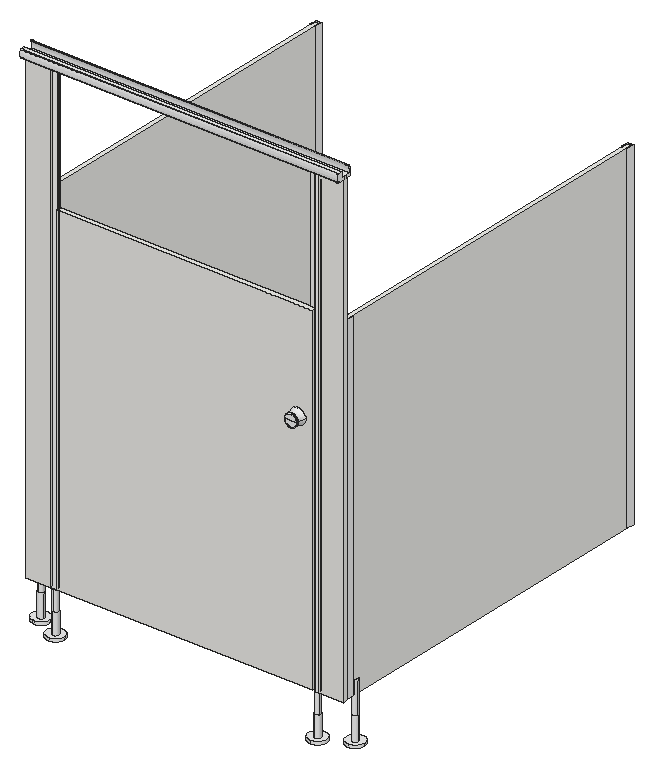
Revit family "Alsanit - Kabiny sanitarne AQUARI PRZEDSZKOLNE - LPW", category Doors, Revit 2020
Family settings
  Work Plane-Based = No
  Always vertical = Yes
  Cut with Voids When Loaded = No
  Shared = No
  Room Calculation Point = No
Parameters (values of type "18mm")
  Width = 0.00 mm  # constant formula
  Type Comments = "Kabiny sanitarne (ścianki giszetowe do WC)"
  Thickness = Grubość ścianki  # 18.00 mm
  Szerokość wewnętrzna modułu (min. 1000) [instance] = 1200.00 mm
  Szerokość wewnętrzna modułu [instance] = [Szerokość wewnętrzna modułu (min. 1000)]  # 1200.00 mm
  Szerokość drzwi (max. 1000 mm) [instance] = 1000.00 mm
  Szczelina obok drzwi prawa [instance] = if([Orientacja - odbij lustrzanie], Szczelina prawa 1, Szczelina prawa 2)  # 26.00 mm
  Szczelina obok drzwi lewa [instance] = if([Orientacja - odbij lustrzanie], Szczelina lewa 1, Szczelina lewa 2)  # 23.00 mm
  Rough Width = 0.00 mm  # constant formula
  Rough Height = 0.00 mm  # constant formula
  Podcięcie na geberit - prawe [instance] = no
  Podcięcie na geberit - prawa wartość [instance] = if([Podcięcie na geberit - prawe], [Szerokość wewnętrzna modułu (min. 1000)] / 2 + 50.00 mm, 5.00 mm)  # 5.00 mm
  Podcięcie na geberit - odsunięcie poziome wartość [instance] = if([Podcięcie na geberit - odsunięcie poziome] = 0.00 mm, 5.00 mm, [Podcięcie na geberit - odsunięcie poziome])  # 5.00 mm
  Podcięcie na geberit - odsunięcie poziome [instance] = 0.00 mm
  Podcięcie na geberit - odsunięcie pionowe wartość [instance] = if([Podcięcie na geberit - odsunięcie pionowe] = 0.00 mm, 5.00 mm, [Podcięcie na geberit - odsunięcie pionowe])  # 5.00 mm
  Podcięcie na geberit - odsunięcie pionowe [instance] = 0.00 mm
  Podcięcie na geberit - lewe [instance] = no
  Podcięcie na geberit - lewa wartość [instance] = if([Podcięcie na geberit - lewe], [Szerokość wewnętrzna modułu (min. 1000)] / 2 + 50.00 mm, 5.00 mm)  # 5.00 mm
  Odsunięcie ścianki lewe kontrola [instance] = 91.00 mm  # constant formula
  Odległość nóżki prawa [instance] = Szczelina obok drzwi prawa / 2  # 13.00 mm
  Odległość nóżki lewa [instance] = Szczelina obok drzwi lewa / 2  # 11.50 mm
  Nóżka grubość 2 [instance] = 24.00 mm  # constant formula
  Nózka grubość stopka [instance] = 70.00 mm  # constant formula
  Nożka grubość 1 [instance] = 20.00 mm  # constant formula
  Noga prawa widoczność [instance] = not([Połączenie - prawa strona] = Prawa strona przy ścianie typ)  # yes
  Noga lewa widoczność [instance] = [Połączenie - lewa strona] = Lewa strona zamknięta typ  # yes
  Krótki opis = "Kabiny sanitarne ALSANIT posiadające oznaczenie CE zgodnie z parametrami systemu"
  Height = 0.00 mm  # constant formula
  Function = Interior
  Film Instruktażowy = "https://youtu.be/qyrI1CfgFO4"
  Define Thermal Properties by = Schematic Type
  Construction Type = "Kabiny sanitarne"
  Szczelina prawa 2 = 26.00 mm  # constant formula
  Szczelina prawa 1 = 23.00 mm  # constant formula
  Analytic Construction = "<None>"
  Akcesoria - wzmocnienie pionowe prawe [instance] = [Odsunięcie prawej ścianki od osi (min. 60 mm)] > 399.00 mm  # no
  Akcesoria - wzmocnienie pionowe lewe [instance] = ([Szerokość wewnętrzna modułu (min. 1000)] - [Szerokość drzwi (max. 1000 mm)] - [Odsunięcie prawej ścianki od osi (min. 60 mm)]) > 400.00 mm  # no
  Wysokość ścianki łączącej [instance] = 1500.00 mm  # constant formula
  Szerokość zewnętrzna modułu [instance] = 1242.00 mm
  Szerokość obliczona [instance] = if(and(Lewa strona przy ścianie, Prawa strona przy ścianie), [Szerokość wewnętrzna modułu (min. 1000)] - 2 * (Grubość ścianki + 7.00 mm), if(or(Lewa strona przy ścianie, Prawa strona przy ścianie), [Szerokość wewnętrzna modułu (min. 1000)] - Grubość ścianki - 7.00 mm, [Szerokość wewnętrzna modułu (min. 1000)]))  # 1200.00 mm
  Wysokość modułu [instance] = 2030.00 mm  # constant formula
  URL = "https://www.alsanit.pl/"
  Rodzaj płyt = "LPW - Laminowana płyta wiórowa"
  Prawe odsunięcie belki dolnej [instance] = if(Prawa strona przy ścianie, 30.00 mm, 0.00 mm)  # 0.00 mm
  Prawa strona niepołączona [instance] = not(Prawa strona połączona)  # yes
  Model = "AQUARI"
  Manufacturer = "Alsanit"
  Lewe odsunięcie belki dolnej [instance] = if(Lewa strona przy ścianie, 30.00 mm, 0.00 mm)  # 0.00 mm
  Lewa strona niepołączona [instance] = not(Lewa strona połączona)  # yes
  Głębokość modułu (min. 1150mm - max. 1600 mm) [instance] = 1400.00 mm
  Głębokość modułu [instance] = if([Głębokość modułu (min. 1150mm - max. 1600 mm)] > 1600.00 mm, 1600.00 mm, [Głębokość modułu (min. 1150mm - max. 1600 mm)])  # 1400.00 mm
  Description = "Kabiny sanitarne to idealna kombinacja trwałości i estetyki w najnowszej cenie. Ze względu na estetyczność zastosowań jest najchętniej kupowanym systemem kabin sanitarnych w Polsce."
  Autor = "www.archispace.pl"
  Orientacja - na zewnątrz [instance] = not([Orientacja - do wewnątrz])  # yes
  Orientacja - do wewnątrz [instance] = no
  Ścianka łącząca [instance] = not(Prawa strona przy ścianie)  # yes
  Szerokość drzwi [instance] = if([Szerokość drzwi (max. 1000 mm)] > 1000.00 mm, 1000.00 mm, [Szerokość drzwi (max. 1000 mm)])  # 1000.00 mm
  Prawe odsunięcie osi [instance] = if(Prawa strona zamknięta, Grubość ścianki / 2 + 3.00 mm, if(Prawa strona przy ścianie, Grubość ścianki / 2 + 7.00 mm, 0.00 mm))  # 12.00 mm
  Prawa strona zamknięta typ = Rodzaj połączenia : Zamknięta
  Prawa strona zamknięta [instance] = [Połączenie - prawa strona] = Prawa strona zamknięta typ  # yes
  Prawa strona przy ścianie typ = Rodzaj połączenia : Przy ścianie
  Prawa strona przy ścianie [instance] = [Połączenie - prawa strona] = Prawa strona przy ścianie typ  # no
  Prawa strona połączona typ = Rodzaj połączenia : Połączona
  Prawa strona połączona [instance] = [Połączenie - prawa strona] = Prawa strona połączona typ  # no
  Prawe odsunięcie osi panelu [instance] = if(Prawa strona przy ścianie, 10.00 mm, 0.00 mm)  # 0.00 mm
  Odsunięcie prawej ścianki od osi (min. 60 mm) [instance] = 109.00 mm
  Połączenie - prawa strona [instance] = Rodzaj połączenia : Zamknięta
  Orientacja - odbij lustrzanie [instance] = no
  Materiał płyt = Alsanit - LPW - Biały 9016
  Materiał okuć = Alsanit - Aluminium
  Materiał wsporników = Alsanit - Aluminium
  Materiał belek = Alsanit - Aluminium
  Lewe odsunięcie osi panelu [instance] = if(Lewa strona przy ścianie, 10.00 mm, 0.00 mm)  # 0.00 mm
  Lewe odsunięcie osi [instance] = if(Lewa strona zamknięta, Grubość ścianki / 2 + 3.00 mm, if(Lewa strona przy ścianie, Grubość ścianki / 2 + 7.00 mm, 0.00 mm))  # 12.00 mm
  Lewa strona zamknięta typ = Rodzaj połączenia : Zamknięta
  Lewa strona zamknięta [instance] = [Połączenie - lewa strona] = Lewa strona zamknięta typ  # yes
  Lewa strona przy ścianie typ = Rodzaj połączenia : Przy ścianie
  Lewa strona przy ścianie [instance] = [Połączenie - lewa strona] = Lewa strona przy ścianie typ  # no
  Lewa strona połączona typ = Rodzaj połączenia : Połączona
  Lewa strona połączona [instance] = [Połączenie - lewa strona] = Lewa strona połączona typ  # no
  Odsunięcie lewej ścianki od osi (min. 60 mm) [instance] = 109.00 mm
  Połączenie - lewa strona [instance] = Rodzaj połączenia : Zamknięta
  Grubość ścianki = 18.00 mm
  Default Elevation = 0.00 mm
  Orientacja - bez odbicia [instance] = not([Orientacja - odbij lustrzanie])  # yes
  Szczelina lewa 2 = 23.00 mm  # constant formula
  Szczelina lewa 1 = 26.00 mm  # constant formula
Reference planes
  plane 1 "Center (Front/Back)": y = 0
  plane 2: z = 0
  plane 3 "Center (Left/Right)": x = 0
  plane 4: x = -600
  plane 5: x = 600
  plane 6: x = 609
  plane 7: x = 618
  plane 8: x = -609
  plane 9: x = -618
  plane 10: y = -1400
  plane 11: y = -1418
  plane 12: y = -10
  plane 13: y = -1394
  plane 14: y = -1409
  plane 15 "Lewa oś wstawienia": x = -621
  plane 16 "Prawa oś wstawienia": x = 621
  plane 17: y = -1334.5
  plane 18: x = 526
  plane 19: x = 500
  plane 20: x = -500
  plane 21: x = -523
  plane 22 "Prawe odsunięcie osi panelu": x = 621
  plane 23 "Lewe odsunięcie osi panelu": x = -621
  plane 24: x = 0
  plane 25: z = 170
  plane 26 "Wysokość modułu": z = 2030
  plane 27 "Odsunięcie górne ścianek frontowych": z = 2010
  plane 28: y = -1398.5
  plane 29: x = -621
  plane 30: x = 621
  plane 31: z = 100
  plane 32: z = 225.5
  plane 33: z = 2000
  plane 34: z = 170
  plane 35: x = -621
  plane 36: x = 621
  plane 37: z = 170
  plane 38: z = 1500
  plane 39: z = 2000
  plane 40: z = 2000
  plane 41: z = 1500
  plane 42: z = 1500
  plane 43: z = 2000
  plane 44: x = 701
  plane 45: x = -705
  plane 46: z = 1995
  plane 47: z = 1990
  plane 48: z = 2000
  plane 49: z = 2000
  plane 50: z = 2000
  plane 51: z = 2000
  plane 52: x = -714
  plane 53: x = -696
  plane 54: x = 692
  plane 55: x = 710
  plane 56: x = -5
  plane 57: x = 5
  plane 58: z = 5
  plane 59: y = -5
  plane 60: z = 5
  plane 61: y = -5
  plane 62: y = -1355
  plane 63: z = 10
  plane 64: z = 10
Forms (mm)
  Sweep 1, solid, material "Alsanit - LPW - Biały 9016" <- "Materiał płyt", visible <- "Ścianka łącząca"
    path origin (0, 0, 0) x (1, 0, 0) y (0, 0, 1)
      loop
        line (609, 170) -> (609, 1500)
    profile origin (609, 0, 835) x (-1, 0, 0) y (0, -1, 0)
      loop
        line (9, 10) -> (9, 1394) -> (-9, 1394) -> (-9, 10) -> (9, 10)
  Sweep 2, solid, material "Alsanit - LPW - Biały 9016" <- "Materiał płyt", visible <- "Lewa strona zamknięta"
    path origin (0, 0, 0) x (-1, 0, 0) y (0, 0, 1)
      loop
        line (609, 170) -> (609, 1500)
    profile origin (-609, 0, 835) x (-1, 0, 0) y (0, -1, 0)
      loop
        line (-9, 10) -> (9, 10) -> (9, 1394) -> (-9, 1394) -> (-9, 10)
  Sweep 3, solid, material "Alsanit - Aluminium" <- "Materiał belek", visible <- "Ścianka łącząca", detail levels medium+fine
    path origin (0, 0, 0) x (1, 0, 0) y (0, 0, 1)
      loop
        line (609, 1500) -> (609, 170)
    profile "U-profile : U-profile" origin (609, 0, 835) x (1, 0, 0) y (0, -1, 0)
      loop
        line (10.5, 0) -> (10.5, 30) -> (9, 30) -> (9, 1.5) -> (-9, 1.5) -> (-9, 30) -> (-10.5, 30) -> (-10.5, 0) -> (10.5, 0)
  Sweep 4, solid, material "Alsanit - Aluminium" <- "Materiał belek", visible <- "Lewa strona zamknięta", detail levels medium+fine
    path origin (0, 0, 0) x (-1, 0, 0) y (0, 0, 1)
      loop
        line (609, 1500) -> (609, 170)
    profile "U-profile : U-profile" origin (-609, 0, 835) x (1, 0, 0) y (0, -1, 0)
      loop
        line (10.5, 0) -> (10.5, 30) -> (9, 30) -> (9, 1.5) -> (-9, 1.5) -> (-9, 30) -> (-10.5, 30) -> (-10.5, 0) -> (10.5, 0)
  Sweep 5, solid, material "Alsanit - Aluminium" <- "Materiał belek", visible <- "Lewa strona zamknięta", detail levels medium+fine
    path origin (673.537, -1400, 1200) x (1, 0, 0) y (0, 0, 1)
      loop
        line (-1282.537, 300) -> (-1282.537, -1030)
    profile "U-profile : U-profile" origin (-609, -1400, 835) x (1, 0, 0) y (0, -1, 0)
      loop
        line (-10.5, 0) -> (-10.5, -30) -> (-9, -30) -> (-9, -1.5) -> (9, -1.5) -> (9, -30) -> (10.5, -30) -> (10.5, 0) -> (-10.5, 0)
  Sweep 6, solid, material "Alsanit - Aluminium" <- "Materiał belek", visible <- "Ścianka łącząca", detail levels medium+fine
    path origin (673.537, -1400, 1200) x (1, 0, 0) y (0, 0, 1)
      loop
        line (-64.537, 300) -> (-64.537, -1030)
    profile "U-profile : U-profile" origin (609, -1400, 835) x (1, 0, 0) y (0, -1, 0)
      loop
        line (-10.5, 0) -> (-10.5, -30) -> (-9, -30) -> (-9, -1.5) -> (9, -1.5) -> (9, -30) -> (10.5, -30) -> (10.5, 0) -> (-10.5, 0)
  Extrusion 7, solid, material "Alsanit - LPW - Biały 9016" <- "Materiał płyt", detail levels medium+fine
    sketch origin (0, 0, 0) x (1, 0, 0) y (0, 1, 0)
      loop
        line (-621, -1400) -> (-621, -1418) -> (-523, -1418) -> (-523, -1400) -> (-621, -1400)
    from 170 to 2010
  Extrusion 8, solid, material "Alsanit - LPW - Biały 9016" <- "Materiał płyt", detail levels medium+fine
    sketch origin (0, 0, 0) x (-1, 0, 0) y (0, -1, 0)
      loop
        line (-621, 1400) -> (-526, 1400) -> (-526, 1418) -> (-621, 1418) -> (-621, 1400)
    from 170 to 2010
  Sweep 9, solid, material "Alsanit - Aluminium" <- "Materiał belek", visible <- "Lewa strona przy ścianie", detail levels medium+fine
    path origin (-771.956, -1409, 1200) x (-1, 0, 0) y (0, 0, 1)
      loop
        line (-150.956, -1030) -> (-150.956, 800)
    profile "U-profile : U-profile" origin (-621, -1409, 1085) x (1, 0, 0) y (0, 1, 0)
      loop
        line (0, -10.5) -> (30, -10.5) -> (30, -9) -> (1.5, -9) -> (1.5, 9) -> (30, 9) -> (30, 10.5) -> (0, 10.5) -> (0, -10.5)
  Sweep 10, solid, material "Alsanit - Aluminium" <- "Materiał belek", visible <- "Prawa strona przy ścianie", detail levels medium+fine
    path origin (771.956, -1409, 1200) x (1, 0, 0) y (0, 0, -1)
      loop
        line (-150.956, 1030) -> (-150.956, -800)
    profile "U-profile : U-profile" origin (621, -1409, 1085) x (1, 0, 0) y (0, 1, 0)
      loop
        line (0, 10.5) -> (-30, 10.5) -> (-30, 9) -> (-1.5, 9) -> (-1.5, -9) -> (-30, -9) -> (-30, -10.5) -> (0, -10.5) -> (0, 10.5)
  Extrusion 11, solid, material "Alsanit - LPW - Biały 9016" <- "Materiał płyt", detail levels coarse
    sketch origin (0, 0, 0) x (1, 0, 0) y (0, 1, 0)
      loop
        line (-621, -1400) -> (-621, -1418) -> (621, -1418) -> (621, -1400) -> (-621, -1400)
    from 170 to 2030
  Sweep 12, solid, material "Alsanit - Aluminium" <- "Materiał belek", not visible, detail levels medium+fine
    path origin (-998.294, -1524, 2030) x (-1, 0, 0) y (0, -1, 0)
      loop
        line (-389.294, -1524) -> (-389.294, -125.5)
    profile "U-profile : U-profile" origin (-609, -699.25, 2030) x (1, 0, 0) y (0, 0, 1)
      loop
        line (-10.5, 0) -> (-10.5, -30) -> (-9, -30) -> (-9, -1.5) -> (9, -1.5) -> (9, -30) -> (10.5, -30) -> (10.5, 0) -> (-10.5, 0)
  Sweep 13, solid, material "Alsanit - Aluminium" <- "Materiał belek", not visible, detail levels medium+fine
    path origin (-998.294, -1524, 2030) x (-1, 0, 0) y (0, -1, 0)
      loop
        line (-1607.294, -1524) -> (-1607.294, -125.5)
    profile "U-profile : U-profile" origin (609, -699.25, 2030) x (1, 0, 0) y (0, 0, 1)
      loop
        line (-10.5, 0) -> (-10.5, -30) -> (-9, -30) -> (-9, -1.5) -> (9, -1.5) -> (9, -30) -> (10.5, -30) -> (10.5, 0) -> (-10.5, 0)
  Sweep 14, solid, material "Alsanit - Aluminium" <- "Materiał belek", not visible, detail levels medium+fine
    path origin (-771.956, -1409, 4200) x (-1, 0, 0) y (0, 0, 1)
      loop
        line (-150.956, -2170) -> (-1392.956, -2170)
    profile "U-profile : U-profile" origin (0, -1409, 2030) x (0, 0, -1) y (0, 1, 0)
      loop
        line (0, -10.5) -> (30, -10.5) -> (30, -9) -> (1.5, -9) -> (1.5, 9) -> (30, 9) -> (30, 10.5) -> (0, 10.5) -> (0, -10.5)
  Sweep 15, solid, material "Alsanit - Aluminium" <- "Materiał belek", not visible, detail levels medium+fine
    path origin (-771.956, -1409, 1200) x (-1, 0, 0) y (0, 0, 1)
      loop
        line (-150.956, 830) -> (-1392.956, 830)
    profile "U-profile : U-profile" origin (0, -1409, 2030) x (0, 0, -1) y (0, 1, 0)
      loop
        line (0, -10.5) -> (30, -10.5) -> (30, -9) -> (1.5, -9) -> (1.5, 9) -> (30, 9) -> (30, 10.5) -> (0, 10.5) -> (0, -10.5)
  Sweep 16, solid, material "Alsanit - LPW - Biały 9016" <- "Materiał płyt", visible <- "Akcesoria - wzmocnienie pionowe prawe", detail levels medium+fine
    path origin (-771.956, -1409, 1200) x (-1, 0, 0) y (0, 0, 1)
      loop
        line (-1472.956, -1030) -> (-1472.956, 800)
    profile origin (701, -1409, 1085) x (1, 0, 0) y (0, 1, 0)
      loop
        line (-9, 15) -> (9, 15) -> (9, 110) -> (-9, 110) -> (-9, 15)
  Sweep 17, solid, material "Alsanit - Aluminium" <- "Materiał belek", visible <- "Akcesoria - wzmocnienie pionowe prawe", detail levels medium+fine
    path origin (673.537, -1400, 1200) x (1, 0, 0) y (0, 0, 1)
      loop
        line (27.463, -1030) -> (27.463, 800)
    profile "U-profile : U-profile" origin (701, -1400, 1085) x (-1, 0, 0) y (0, -1, 0)
      loop
        line (-10.5, 0) -> (-10.5, -30) -> (-9, -30) -> (-9, -1.5) -> (9, -1.5) -> (9, -30) -> (10.5, -30) -> (10.5, 0) -> (-10.5, 0)
  Sweep 18, solid, material "Alsanit - LPW - Biały 9016" <- "Materiał płyt", visible <- "Akcesoria - wzmocnienie pionowe lewe", detail levels medium+fine
    path origin (1162.956, -1409, 1200) x (1, 0, 0) y (0, 0, -1)
      loop
        line (-1867.956, 1030) -> (-1867.956, -800)
    profile origin (-705, -1409, 1085) x (1, 0, 0) y (0, 1, 0)
      loop
        line (9, 15) -> (9, 110) -> (-9, 110) -> (-9, 15) -> (9, 15)
  Sweep 19, solid, material "Alsanit - Aluminium" <- "Materiał belek", visible <- "Akcesoria - wzmocnienie pionowe lewe", detail levels medium+fine
    path origin (673.537, -1400, 1200) x (1, 0, 0) y (0, 0, 1)
      loop
        line (-1378.537, -1030) -> (-1378.537, 800)
    profile "U-profile : U-profile" origin (-705, -1400, 1085) x (-1, 0, 0) y (0, -1, 0)
      loop
        line (10.5, 0) -> (-10.5, 0) -> (-10.5, -30) -> (-9, -30) -> (-9, -1.5) -> (9, -1.5) -> (9, -30) -> (10.5, -30) -> (10.5, 0)
  Sweep 20, solid, material "Alsanit - Aluminium" <- "Materiał belek", detail levels medium+fine
    path origin (0, -160, 0) x (1, 0, 0) y (0, 1, 0)
      loop
        line (-621, -1249) -> (621, -1249)
    profile origin (0, -1409, 0) x (0, 1, 0) y (0, 0, 1)
      loop
        line (-9, 2000) -> (-9, 2010.006) -> (9, 2010.006) -> (9, 2000) -> (18.963, 2000)
        arc (18.963, 2000) -> (20.347, 2000.556) -> (20.962, 2001.914) r 2
        arc (20.962, 2001.914) -> (22.476, 2022.263) -> (16.301, 2041.711) r 53.788
        arc (16.301, 2041.711) -> (15.681, 2042.09) -> (14.965, 2042.223) r 2
        line (14.965, 2042.223) -> (14.002, 2042.223) -> (14.002, 2040.823) -> (15.303, 2040.823)
        arc (15.303, 2040.823) -> (20.408, 2026.85) -> (21.387, 2012.006) r 52.487
        line (21.387, 2012.006) -> (-19.028, 2012.006) -> (-19.028, 2032.006) -> (-31.863, 2032.006)
        arc (-31.863, 2032.006) -> (-33.104, 2031.575) -> (-33.81, 2030.466) r 2
        arc (-33.81, 2030.466) -> (-35.785, 2016.001) -> (-33.807, 2001.537) r 53.895
        arc (-33.807, 2001.537) -> (-33.101, 2000.431) -> (-31.861, 2000) r 2
        line (-31.861, 2000) -> (-9, 2000)
  Sweep 21, solid, material "Alsanit - LPW - Biały 9016" <- "Materiał płyt", not visible
    path origin (0, 0, 0) x (1, 0, 0) y (0, 1, 0)
      loop
        line (-500, -1409) -> (500, -1409)
    profile origin (0, -1409, 0) x (0, 1, 0) y (0, 0, 1)
      loop
        line (9, 2010) -> (-9, 2010) -> (-9, 1995) -> (9, 1995) -> (9, 2010)
  Sweep 22, void
    path origin (0, 0, 0) x (1, 0, 0) y (0, 1, 0)
      loop
        line (0, 0) -> (-5, 0)
    profile origin (-2.5, 0, 0) x (0, -1, 0) y (0, 0, 1)
      loop
        line (0, 5) -> (0, 0) -> (5, 0) -> (5, 5) -> (0, 5)
  Sweep 23, void
    path origin (0, 0, 0) x (-1, 0, 0) y (0, -1, 0)
      loop
        line (0, 0) -> (-5, 0)
    profile origin (2.5, 0, 0) x (0, 1, 0) y (0, 0, 1)
      loop
        line (0, 5) -> (-5, 5) -> (-5, 0) -> (0, 0) -> (0, 5)
  Sweep 24, solid, material "Alsanit - Aluminium" <- "Materiał wsporników", visible <- "Lewa strona zamknięta"
    path origin (-771.956, -1409, 1200) x (-1, 0, 0) y (0, 0, 1)
      loop
        line (-162.956, -974.5) -> (-162.956, -1100)
    profile origin (-609, -1409, 162.75) x (0, 1, 0) y (-1, 0, 0)
      loop
        circle (54, 2) r 10
  Sweep 25, solid, material "Alsanit - Aluminium" <- "Materiał wsporników", visible <- "Lewa strona zamknięta"
    path origin (-771.956, -1405, 1200) x (-1, 0, 0) y (0, 0, 1)
      loop
        line (-162.956, -1190) -> (-162.956, -1100)
    profile origin (-609, -1405, 55) x (1, 0, 0) y (0, 1, 0)
      loop
        circle (-2, 50) r 12
  Sweep 26, solid, material "Alsanit - Aluminium" <- "Materiał wsporników", visible <- "Lewa strona zamknięta"
    path origin (-771.956, -1409, 1200) x (-1, 0, 0) y (0, 0, 1)
      loop
        line (-162.956, -1200) -> (-162.956, -1190)
    profile origin (-609, -1409, 5) x (1, 0, 0) y (0, 1, 0)
      loop
        circle (-2, 54) r 35
  Sweep 27, solid, material "Alsanit - Aluminium" <- "Materiał wsporników", visible <- "Prawa strona zamknięta"
    path origin (-771.956, -1409, 1200) x (-1, 0, 0) y (0, 0, 1)
      loop
        line (-1380.956, -1100) -> (-1380.956, -974.5)
    profile origin (609, -1409, 162.75) x (1, 0, 0) y (0, 1, 0)
      loop
        circle (8, 54) r 10
  Sweep 28, solid, material "Alsanit - Aluminium" <- "Materiał wsporników", visible <- "Prawa strona zamknięta"
    path origin (-771.956, -1409, 1200) x (-1, 0, 0) y (0, 0, 1)
      loop
        line (-1380.956, -1190) -> (-1380.956, -1100)
    profile origin (609, -1409, 55) x (1, 0, 0) y (0, 1, 0)
      loop
        circle (8, 54) r 12
  Sweep 29, solid, material "Alsanit - Aluminium" <- "Materiał wsporników", visible <- "Prawa strona zamknięta"
    path origin (-771.956, -1409, 1200) x (-1, 0, 0) y (0, 0, 1)
      loop
        line (-1380.956, -1200) -> (-1380.956, -1190)
    profile origin (609, -1409, 5) x (1, 0, 0) y (0, 1, 0)
      loop
        circle (8, 54) r 35
Cuts and joins
  Sweep 22 cuts Sweep 4
  Sweep 22 cuts Sweep 2
  Sweep 23 cuts Sweep 1
  Sweep 23 cuts Sweep 3
  joined: Sweep 24, Sweep 25, Sweep 26
  joined: Sweep 27, Sweep 28, Sweep 29
Lines and regions (mm)
  model lines, style "Doors", detail levels medium+fine
    curve 1: line (526, -1418, 2010) -> (526, -1418, 170)
    curve 3: line (621, -1418, 2010) -> (526, -1418, 2010)
    curve 6: line (-523, -1418, 170) -> (-523, -1418, 2010)
    curve 7: line (-523, -1418, 2010) -> (-621, -1418, 2010)
    curve 10: line (-523, -1400, 170) -> (-523, -1418, 170)
    curve 11: line (526, -1400, 170) -> (526, -1418, 170)
    curve 14: line (-523, -1400, 2010) -> (-523, -1418, 2010)
    curve 15: line (526, -1400, 2010) -> (526, -1418, 2010)
    curve 17: line (526, -1400, 2010) -> (526, -1400, 170)
    curve 19: line (621, -1400, 2010) -> (526, -1400, 2010)
    curve 20: line (526, -1400, 170) -> (621, -1400, 170)
    curve 22: line (-523, -1400, 170) -> (-523, -1400, 2010)
    curve 23: line (-523, -1400, 2010) -> (-621, -1400, 2010)
    curve 24: line (-621, -1400, 170) -> (-523, -1400, 170)
  model lines, style "Doors", visible <- "Prawa strona niepołączona", detail levels medium+fine
    curve 2: line (621, -1418, 170) -> (621, -1418, 2010)
    curve 12: line (621, -1400, 170) -> (621, -1418, 170)
    curve 16: line (621, -1400, 2010) -> (621, -1418, 2010)
    curve 18: line (621, -1400, 170) -> (621, -1400, 2010)
  model lines, style "Doors"
    curve 4: line (526, -1418, 170) -> (621, -1418, 170)
    curve 8: line (-621, -1418, 170) -> (-523, -1418, 170)
  model lines, style "Doors", visible <- "Lewa strona niepołączona", detail levels medium+fine
    curve 5: line (-621, -1418, 2010) -> (-621, -1418, 170)
    curve 9: line (-621, -1400, 170) -> (-621, -1418, 170)
    curve 13: line (-621, -1400, 2010) -> (-621, -1418, 2010)
    curve 21: line (-621, -1400, 2010) -> (-621, -1400, 170)
Dimensions and locks
  equal spacing: plane 5, plane 6, plane 7
  "Grubość ścianki": plane 5 to plane 7
  equal spacing: plane 9, plane 8, plane 4
  "Grubość ścianki": plane 9 to plane 4
  "Głębokość modułu": plane 10 to plane 1 "Center (Front/Back)"
  "Grubość ścianki": plane 11 to plane 10
  locked: plane 12 to plane 1 "Center (Front/Back)" at 10
  locked: plane 10 to plane 13 at 6
  equal spacing: plane 10, plane 14, plane 11
  equal spacing: plane 4, plane 3 "Center (Left/Right)", plane 5
  "Szerokość obliczona": plane 4 to plane 5
  "Lewe odsunięcie osi": plane 15 "Lewa oś wstawienia" to plane 8
  "Prawe odsunięcie osi": plane 6 to plane 16 "Prawa oś wstawienia"
  locked: plane 10 to plane 17 at 65.5
  "Szerokość drzwi": plane 20 to plane 19
  equal spacing: plane 20, plane 24, plane 19
  "Wysokość modułu": plane 26 "Wysokość modułu" to plane 2
  locked: plane 10 to plane 28 at 1.5
  plane 25 to level = 170.00 mm
  locked: plane 31 to plane 2 at 100
  plane 15 "Lewa oś wstawienia" to plane 29 = 0.00 mm
  plane 30 to plane 16 "Prawa oś wstawienia" = 0.00 mm
  locked: plane 32 to plane 25 at 55.5
  locked: plane 26 "Wysokość modułu" to plane 33 at 30
  "Lewe odsunięcie osi panelu": plane 15 "Lewa oś wstawienia" to plane 23 "Lewe odsunięcie osi panelu"
  "Prawe odsunięcie osi panelu": plane 22 "Prawe odsunięcie osi panelu" to plane 16 "Prawa oś wstawienia"
  plane 34 to plane 25 = 0.00 mm
  "Lewe odsunięcie belki dolnej": plane 15 "Lewa oś wstawienia" to plane 35
  "Prawe odsunięcie belki dolnej": plane 36 to plane 16 "Prawa oś wstawienia"
  plane 37 to plane 2 = 170.00 mm
  "Wysokość ścianki łączącej": plane 38 to level
  plane 26 "Wysokość modułu" to plane 39 = 30.00 mm
  plane 26 "Wysokość modułu" to plane 40 = 30.00 mm
  plane 26 "Wysokość modułu" to plane 27 "Odsunięcie górne ścianek frontowych" = 20.00 mm
  plane 38 to plane 41 = 0.00 mm
  plane 38 to plane 42 = 0.00 mm
  plane 26 "Wysokość modułu" to plane 43 = 30.00 mm
  "Szerokość zewnętrzna modułu": plane 15 "Lewa oś wstawienia" to plane 16 "Prawa oś wstawienia"
  plane 47 to level = 1990.00 mm
  locked: plane 46 to plane 47 at 5
  locked: plane 48 to plane 2 at 2000
  locked: plane 50 to level at 2000
  locked: plane 51 to level at 2000
  equal spacing: plane 52, plane 45, plane 53
  "Grubość ścianki": plane 52 to plane 53
  equal spacing: plane 54, plane 44, plane 55
  "Grubość ścianki": plane 54 to plane 55
  "Podcięcie na geberit - lewa wartość": plane 56 to plane 3 "Center (Left/Right)"
  "Podcięcie na geberit - prawa wartość": plane 3 "Center (Left/Right)" to plane 57
  "Podcięcie na geberit - odsunięcie poziome wartość": plane 1 "Center (Front/Back)" to plane 59
  "Podcięcie na geberit - odsunięcie pionowe wartość": plane 58 to level
  "Podcięcie na geberit - odsunięcie pionowe wartość": plane 60 to level
  "Podcięcie na geberit - odsunięcie poziome wartość": plane 1 "Center (Front/Back)" to plane 61
  locked: plane 10 to plane 62 at 45
  equal spacing: Sweep 24 sketch curve, plane 62, Sweep 24 sketch curve
  Sweep 24 sketch curve to plane 4 = 1.00 mm
  equal spacing: Sweep 25 sketch curve, plane 62, Sweep 25 sketch curve
  plane 4 to Sweep 25 sketch curve = 1.00 mm
  equal spacing: Sweep 26 sketch curve, plane 62, Sweep 26 sketch curve
  Sweep 12 to Sweep 26 sketch curve = 22.50 mm
  equal spacing: Sweep 27 sketch curve, plane 62, Sweep 27 sketch curve
  locked: plane 6 to Sweep 27 sketch curve at 18
  equal spacing: Sweep 28 sketch curve, plane 62, Sweep 28 sketch curve
  locked: plane 6 to Sweep 28 sketch curve at 20
  equal spacing: Sweep 29 sketch curve, plane 62, Sweep 29 sketch curve
  locked: plane 6 to Sweep 29 sketch curve at 43
  "Szczelina obok drzwi lewa": plane 21 to plane 20
  "Szczelina obok drzwi prawa": plane 19 to plane 18
  "Odsunięcie prawej ścianki od osi (min. 60 mm)": plane 19 to plane 6
  plane 20 to plane 8 = 109.00 mm
  locked: plane 19 to plane 44 at 201
  locked: plane 45 to plane 20 at 205
  "Odsunięcie lewej ścianki od osi (min. 60 mm)": plane 8 to plane 20
  "Nożka grubość 1": diameter of Sweep 24 sketch curve
  "Nóżka grubość 2": diameter of Sweep 25 sketch curve
  "Nózka grubość stopka": diameter of Sweep 26 sketch curve
  aligned and locked: level to plane 2
  aligned and locked: plane 5 to Sweep 1 sketch curve
  aligned and locked: Sweep 1 sketch curve to plane 7
  aligned and locked: Sweep 1 sketch curve to plane 13
  aligned and locked: plane 12 to Sweep 1 sketch curve
  aligned and locked: Sweep 2 sketch curve to plane 12
  aligned and locked: plane 9 to Sweep 2 sketch curve
  aligned and locked: plane 4 to Sweep 2 sketch curve
  aligned and locked: plane 13 to Sweep 2 sketch curve
  aligned and locked: plane 6 to Sweep 3 sketch curve
  aligned and locked: Sweep 4 sketch curve to plane 8
  aligned and locked: Sweep 1 sketch curve to plane 6
  aligned and locked: plane 8 to Sweep 2 sketch curve
  aligned and locked: Extrusion 7 sketch curve to plane 21
  aligned and locked: plane 11 to Extrusion 7 sketch curve
  aligned and locked: plane 10 to Extrusion 7 sketch curve
  aligned and locked: Extrusion 7 sketch curve to plane 23 "Lewe odsunięcie osi panelu"
  aligned and locked: Extrusion 8 sketch curve to plane 11
  aligned and locked: Extrusion 8 sketch curve to plane 10
  aligned and locked: plane 22 "Prawe odsunięcie osi panelu" to Extrusion 8 sketch curve
  aligned and locked: plane 10 to nested 1
  aligned and locked: nested 2 to nested 1
  aligned and locked: nested 2 to plane 10
  aligned and locked: nested 2 to level
  aligned and locked: level to nested 1
  aligned and locked: plane 10 to Extrusion 11 sketch curve
  aligned and locked: plane 11 to Extrusion 11 sketch curve
  aligned and locked: plane 15 "Lewa oś wstawienia" to Extrusion 11 sketch curve
  aligned and locked: Extrusion 11 sketch curve to plane 16 "Prawa oś wstawienia"
  aligned and locked: Extrusion 7 to plane 25
  aligned and locked: Extrusion 8 to plane 25
  aligned and locked: curve 4 to plane 25
  aligned and locked: plane 25 to curve 2
  aligned and locked: plane 22 "Prawe odsunięcie osi panelu" to curve 2
  aligned and locked: plane 22 "Prawe odsunięcie osi panelu" to curve 3
  aligned and locked: curve 8 to plane 25
  aligned and locked: plane 23 "Lewe odsunięcie osi panelu" to curve 5
  aligned and locked: plane 21 to curve 6
  aligned and locked: plane 11 to curve 9
  aligned and locked: plane 10 to curve 9
  aligned and locked: curve 10 to plane 21
  aligned and locked: plane 11 to curve 10
  aligned and locked: plane 10 to curve 10
  aligned and locked: curve 11 to plane 18
  aligned and locked: plane 10 to curve 11
  aligned and locked: plane 11 to curve 11
  aligned and locked: plane 10 to curve 12
  aligned and locked: plane 11 to curve 12
  aligned and locked: curve 12 to plane 22 "Prawe odsunięcie osi panelu"
  aligned and locked: plane 10 to curve 13
  aligned and locked: plane 11 to curve 13
  aligned and locked: plane 11 to curve 14
  aligned and locked: plane 10 to curve 14
  aligned and locked: curve 14 to plane 21
  aligned and locked: plane 11 to curve 15
  aligned and locked: plane 10 to curve 15
  aligned and locked: curve 15 to plane 18
  aligned and locked: plane 10 to curve 16
  aligned and locked: plane 11 to curve 16
  aligned and locked: curve 16 to plane 22 "Prawe odsunięcie osi panelu"
  aligned and locked: plane 23 "Lewe odsunięcie osi panelu" to curve 13
  aligned and locked: plane 23 "Lewe odsunięcie osi panelu" to curve 9
  aligned and locked: plane 16 "Prawa oś wstawienia" to Sweep 10 sketch curve
  aligned and locked: plane 15 "Lewa oś wstawienia" to Sweep 9 sketch curve
  aligned and locked: plane 6 to Sweep 6 sketch curve
  aligned and locked: Extrusion 7 to plane 27 "Odsunięcie górne ścianek frontowych"
  aligned and locked: Extrusion 8 to plane 27 "Odsunięcie górne ścianek frontowych"
  aligned and locked: curve 23 to plane 27 "Odsunięcie górne ścianek frontowych"
  aligned and locked: curve 7 to plane 27 "Odsunięcie górne ścianek frontowych"
  aligned and locked: curve 3 to plane 27 "Odsunięcie górne ścianek frontowych"
  aligned and locked: curve 19 to plane 27 "Odsunięcie górne ścianek frontowych"
  aligned and locked: plane 25 to Sweep 1 sketch curve
  aligned and locked: plane 25 to Sweep 2 sketch curve
  aligned and locked: plane 1 "Center (Front/Back)" to Sweep 12 sketch curve
  aligned and locked: Sweep 12 sketch curve to plane 8
  aligned and locked: plane 6 to Sweep 13 sketch curve
  aligned and locked: plane 1 "Center (Front/Back)" to Sweep 13 sketch curve
  aligned and locked: Sweep 14 sketch curve to plane 26 "Wysokość modułu"
  aligned and locked: plane 15 "Lewa oś wstawienia" to Sweep 14 sketch curve
  aligned and locked: plane 16 "Prawa oś wstawienia" to Sweep 14 sketch curve
  aligned and locked: Sweep 12 sketch curve to plane 28
  aligned and locked: plane 28 to Sweep 13 sketch curve
  aligned and locked: Extrusion 11 to plane 25
  aligned and locked: Sweep 15 sketch curve to plane 26 "Wysokość modułu"
  aligned and locked: plane 16 "Prawa oś wstawienia" to Sweep 15 sketch curve
  aligned and locked: plane 15 "Lewa oś wstawienia" to Sweep 15 sketch curve
  aligned and locked: plane 23 "Lewe odsunięcie osi panelu" to curve 21
  aligned and locked: plane 22 "Prawe odsunięcie osi panelu" to curve 18
  aligned and locked: plane 34 to Sweep 5 sketch curve
  aligned and locked: plane 34 to Sweep 4 sketch curve
  aligned and locked: plane 34 to Sweep 3 sketch curve
  aligned and locked: plane 34 to Sweep 6 sketch curve
  aligned and locked: plane 37 to Sweep 9 sketch curve
  aligned and locked: Sweep 10 sketch curve to plane 37
  aligned and locked: plane 38 to Sweep 1 sketch curve
  aligned and locked: plane 39 to Sweep 9 sketch curve
  aligned and locked: plane 41 to Sweep 6 sketch curve
  aligned and locked: Sweep 3 sketch curve to plane 42
  aligned and locked: plane 43 to Sweep 10 sketch curve
  aligned and locked: Sweep 16 sketch curve to plane 44
  aligned and locked: plane 45 to Sweep 18 sketch curve
  aligned and locked: plane 45 to Sweep 19 sketch curve
  aligned and locked: plane 16 "Prawa oś wstawienia" to Sweep 20 sketch curve
  aligned and locked: plane 15 "Lewa oś wstawienia" to Sweep 20 sketch curve
  aligned and locked: Sweep 20 sketch curve to plane 14
  aligned and locked: plane 20 to Sweep 21 sketch curve
  aligned and locked: plane 19 to Sweep 21 sketch curve
  aligned and locked: Sweep 21 sketch curve to plane 14
  aligned and locked: Sweep 21 sketch curve to curve 13
  aligned and locked: plane 11 to Sweep 21 sketch curve
  aligned and locked: plane 10 to Sweep 21 sketch curve
  aligned and locked: plane 46 to Sweep 21 sketch curve
  aligned and locked: plane 48 to Sweep 19 sketch curve
  aligned and locked: plane 50 to Sweep 17 sketch curve
  aligned and locked: plane 51 to Sweep 16 sketch curve
  aligned and locked: Sweep 18 sketch curve to plane 13
  aligned and locked: plane 13 to Sweep 16 sketch curve
  aligned and locked: plane 56 to Sweep 22 sketch curve
  aligned and locked: plane 3 "Center (Left/Right)" to Sweep 22 sketch curve
  aligned and locked: Sweep 22 sketch curve to plane 1 "Center (Front/Back)"
  aligned and locked: Sweep 22 sketch curve to plane 58
  aligned and locked: Sweep 22 sketch curve to plane 59
  aligned and locked: level to Sweep 22 sketch curve
  aligned and locked: plane 1 "Center (Front/Back)" to Sweep 22 sketch curve
  aligned and locked: Sweep 23 sketch curve to plane 60
  aligned and locked: plane 61 to Sweep 23 sketch curve
  aligned and locked: plane 3 "Center (Left/Right)" to Sweep 23 sketch curve
  aligned and locked: plane 57 to Sweep 23 sketch curve
  aligned and locked: plane 1 "Center (Front/Back)" to Sweep 23 sketch curve  (x2)
  aligned and locked: level to Sweep 23 sketch curve
  aligned and locked: plane 32 to Sweep 24 sketch curve
  aligned and locked: plane 31 to Sweep 24 sketch curve
  aligned and locked: plane 31 to Sweep 25 sketch curve
  aligned and locked: plane 63 to Sweep 25 sketch curve
  aligned and locked: plane 64 to Sweep 26 sketch curve
  aligned and locked: level to Sweep 26 sketch curve
  aligned and locked: plane 32 to Sweep 27 sketch curve
  aligned and locked: plane 31 to Sweep 27 sketch curve
  aligned and locked: plane 31 to Sweep 28 sketch curve
  aligned and locked: plane 64 to Sweep 28 sketch curve
  aligned and locked: plane 64 to Sweep 29 sketch curve
  aligned and locked: level to Sweep 29 sketch curve
  aligned and locked: plane 37 to Sweep 18 sketch curve
  aligned and locked: plane 38 to Sweep 2 sketch curve
  aligned and locked: plane 38 to Sweep 4 sketch curve
  aligned and locked: plane 38 to Sweep 5 sketch curve
  aligned and locked: plane 49 to Sweep 18 sketch curve
  aligned and locked: Sweep 20 sketch curve to nested 1
  aligned and locked: nested 1 to Sweep 20 sketch curve
  aligned and locked: Extrusion 8 to plane 18
  aligned and locked: curve 1 to plane 18
  aligned and locked: curve 17 to plane 18
  aligned and locked: nested 1 to plane 24
  aligned and locked: Extrusion 11 to plane 26 "Wysokość modułu"
Automatic sketch dimensions
  curve 22 to plane 21 = 0.00 mm
  curve 24 to plane 25 = 0.00 mm
  curve 17 to plane 25 = 0.00 mm
  Sweep 5 sketch curve to plane 8 = 0.00 mm
  Sweep 16 sketch curve to plane 25 = 0.00 mm
  plane 44 to Sweep 17 sketch curve = 0.00 mm
  Sweep 17 sketch curve to plane 25 = 0.00 mm
  Sweep 19 sketch curve to plane 25 = 0.00 mm
  Sweep 20 sketch curve to Sweep 20 sketch curve = 0.00 mm  (x3)
  profile plane to Sweep 20 sketch curve = 19.028 mm
  Sweep 20 sketch curve to Sweep 20 sketch curve = 11.92 mm
  Sweep 20 sketch curve to Sweep 20 sketch curve = 0.914 mm
  Sweep 20 sketch curve to Sweep 20 sketch curve = 12.835 mm
  Sweep 20 sketch curve to profile plane = 14.002 mm
  Sweep 20 sketch curve to Sweep 20 sketch curve = 9.11 mm
  Sweep 20 sketch curve to Sweep 20 sketch curve = 9.963 mm
  Sweep 20 sketch curve to Sweep 20 sketch curve = 0.963 mm
  Sweep 20 sketch curve to Sweep 20 sketch curve = 0.337 mm
  Sweep 20 sketch curve to Sweep 20 sketch curve = 3.278 mm
  plane 2 to Sweep 20 sketch curve = 2000.00 mm
  Sweep 20 sketch curve to Sweep 20 sketch curve = 2.00 mm  (x4)
  Sweep 20 sketch curve to Sweep 20 sketch curve = 8.006 mm
  Sweep 20 sketch curve to Sweep 20 sketch curve = 4.00 mm  (x2)
  Sweep 20 sketch curve to Sweep 20 sketch curve = 0.60 mm
  Sweep 20 sketch curve to Sweep 20 sketch curve = 14.00 mm
  Sweep 20 sketch curve to Sweep 20 sketch curve = 1.40 mm
  Sweep 20 sketch curve to Sweep 20 sketch curve = 1.946 mm
  Sweep 20 sketch curve to Sweep 20 sketch curve = 0.998 mm
  Sweep 24 sketch curve to plane 8 = 0.00 mm
  Sweep 25 sketch curve to plane 8 = 0.00 mm
  Sweep 26 sketch curve to plane 8 = 0.00 mm
  plane 6 to Sweep 27 sketch curve = 0.00 mm
  Sweep 27 sketch curve to profile plane = 8.00 mm
  plane 6 to Sweep 28 sketch curve = 0.00 mm
  Sweep 28 sketch curve to profile plane = 8.00 mm
  plane 6 to Sweep 29 sketch curve = 0.00 mm
  Sweep 29 sketch curve to profile plane = 8.00 mm
  Extrusion 8 sketch curve to plane 18 = 0.00 mm
  Sweep 16 sketch curve to plane 54 = 0.00 mm
  Sweep 16 sketch curve to plane 55 = 0.00 mm
  Sweep 16 sketch curve to Sweep 16 sketch curve = 95.00 mm
  Sweep 18 sketch curve to plane 52 = 0.00 mm
  Sweep 18 sketch curve to plane 53 = 0.00 mm
  Sweep 18 sketch curve to Sweep 18 sketch curve = 95.00 mm
Nested families
  nested 1: "front" at (0, -1400, 0), visible <- "Orientacja - bez odbicia", Szerokość drzwi <- "Szerokość drzwi", Grubość ścianki <- "Grubość ścianki", type "front"
    with Zawias prawy szczelina 26.00 mm, Zawias lewy szczelina 23.00 mm, Wysokość zawiasów 2000.00 mm, Wysokość drzwi 1500.00 mm, Wysokość dolnej szczeliny 170.00 mm, Szerokość drzwi 1000.00 mm, Obniżone drzwi (wysoki słupek) yes, Grubość ścianki 18.00 mm
  nested 2: "front" at (0, -1400, 0) x (-1, 0, 0) z (0, 0, 1), visible <- "Orientacja - odbij lustrzanie", Szerokość drzwi <- "Szerokość drzwi", Grubość ścianki <- "Grubość ścianki", type "front", detail levels medium+fine
    with Zawias prawy szczelina 26.00 mm, Zawias lewy szczelina 23.00 mm, Wysokość zawiasów 1990.00 mm, Wysokość drzwi 1500.00 mm, Wysokość dolnej szczeliny 170.00 mm, Szerokość drzwi 1000.00 mm, Obniżone drzwi (wysoki słupek) yes, Grubość ścianki 18.00 mm
Definition of nested family "front"
  Parameters (values of type "front")
    Średnica zawiasów = 20.00 mm
    Zawias prawy szczelina [instance] = 26.00 mm
    Zawias lewy szczelina [instance] = 23.00 mm
    Wysokość zawiasów [instance] = 1802.00 mm
    Wysokość drzwi [instance] = if([Obniżone drzwi (wysoki słupek)], 1500.00 mm, 1990.00 mm)  # 1500.00 mm
    Wysokość dolnej szczeliny [instance] = 188.00 mm
    Szerokość drzwi [instance] = 900.00 mm
    Obniżone drzwi (wysoki słupek) [instance] = yes
    Materiał płyt = none
    Materiał okuć = none
    Grubość ścianki [instance] = 10.00 mm
    Drzwi zewnętrzne = yes
    Drzwi wewnętrzne = no
    Default Elevation = 0.00 mm
  Reference planes
    plane 1 "Center (Front/Back)": y = 0
    plane 2: z = 0
    plane 3 "Center (Left/Right)": x = 0
    plane 4: y = -10
    plane 5: z = 188
    plane 6: z = 1500
    plane 7: x = 450
    plane 8: x = -450
    plane 9: x = 393
    plane 10: y = -17
    plane 11: z = 1110
    plane 12: y = 14
    plane 13: y = 5
    plane 14: z = 1110
    plane 15: z = 1416.75
    plane 16: z = 1323.25
    plane 17: y = -910
    plane 18: y = 900
    plane 19: y = -5
    plane 20: x = -473
    plane 21: x = 476
    plane 22: x = -461.5
    plane 23: x = 463
    plane 24: z = 10
    plane 25: z = 99
    plane 26: z = 1802
    plane 27: y = 29
    plane 28: y = 12
    plane 29: y = 32
  Forms (mm)
    Sweep 1, solid, material <- "Materiał płyt", detail levels medium+fine
      path origin (500, 0, 0) x (-1, 0, 0) y (0, 0, 1)
        loop
          line (500, 188) -> (500, 1500)
      profile origin (0, 0, 844) x (-1, 0, 0) y (0, -1, 0)
        loop
          line (-450, 0) -> (450, 0) -> (450, 10) -> (-450, 10) -> (-450, 0)
    Revolve 2, solid, material <- "Materiał okuć", detail levels fine
      sketch origin (0, 0, 1110) x (1, 0, 0) y (0, 1, 0)
        loop
          line (393, -10) -> (393, -41) -> (418, -41)
          arc (418, -41) -> (418.043, -25.104) -> (423, -10) r 50.758
          line (423, -10) -> (393, -10)
        axis (393, -10) -> (393, -41)
      angle from 0 to 360
    Revolve 3, solid, material <- "Materiał okuć", detail levels fine
      sketch origin (0, 0, 1110) x (1, 0, 0) y (0, 1, 0)
        loop
          line (393, -41) -> (393, -46) -> (416.5, -46)
          arc (416.5, -46) -> (417.561, -45.561) -> (418, -44.5) r 1.5
          line (418, -44.5) -> (418, -41) -> (393, -41)
        loop
          arc (418, 0) -> (414.131, 5.427) -> (413.024, 12) r 14.859
          line (413.024, 12) -> (393, 12) -> (393, 0) -> (418, 0)
        axis (393, 12) -> (393, -46)
      angle from 0 to 360
    Sweep 4, solid, material <- "Materiał okuć", detail levels fine
      path origin (366, -1524, 1110) x (-1, 0, 0) y (0, -1, 0)
        loop
          line (-84, -1529) -> (-84, -1538)
      profile origin (450, 9.5, 1110) x (-1, 0, 0) y (0, 0, 1)
        loop
          arc (57, -16.877) -> (73.877, 0) -> (57, 16.877) r 16.877
          line (57, 16.877) -> (-26, 9)
          arc (-26, 9) -> (-35, 0) -> (-26, -9) r 9
          line (-26, -9) -> (57, -16.877)
    Extrusion 5, solid, material <- "Materiał okuć", detail levels fine
      sketch origin (0, 0, 0) x (1, 0, 0) y (0, 0, 1)
        loop
          line (-9.496, 1252.645) -> (-9.496, 1247.392) -> (9.496, 1247.392) -> (9.496, 1252.645)
          arc (9.496, 1252.645) -> (4.682, 1258.517) -> (5.976, 1265.998) r 9.126
          arc (5.976, 1265.998) -> (0, 1277.33) -> (-5.976, 1265.998) r 7.241
          arc (-5.976, 1265.998) -> (-4.682, 1258.517) -> (-9.496, 1252.645) r 9.126
      from -5 to 0
    Extrusion 6, solid, material <- "Materiał okuć", detail levels fine
      sketch origin (42.235, -68.236, -0.053) x (-0.601815, 0.798636, 0) y (0, 0, -1)
        loop
          arc (104.856, -1259.865) -> (110.41, -1263.768) -> (114.787, -1258.58) r 5.027
          arc (114.787, -1258.58) -> (112.823, -1253.23) -> (108.108, -1250.03) r 9.3
          arc (108.108, -1250.03) -> (100.618, -1248.3) -> (92.979, -1247.445) r 66.588
          line (92.979, -1247.445) -> (85.678, -1247.445) -> (85.678, -1252.715)
          arc (85.678, -1252.715) -> (92.474, -1251.484) -> (99.218, -1252.976) r 17.523
          arc (99.218, -1252.976) -> (102.86, -1255.747) -> (104.856, -1259.865) r 9.85
      from 0 to -7.113
    Extrusion 7, solid, material <- "Materiał okuć", detail levels fine
      sketch origin (-42.235, -68.236, -0.053) x (0.601815, 0.798636, 0) y (0, 0, 1)
        loop
          arc (104.856, 1259.865) -> (102.86, 1255.747) -> (99.218, 1252.976) r 9.85
          arc (99.218, 1252.976) -> (92.474, 1251.484) -> (85.678, 1252.715) r 17.523
          line (85.678, 1252.715) -> (85.678, 1247.445) -> (92.979, 1247.445)
          arc (92.979, 1247.445) -> (100.618, 1248.3) -> (108.108, 1250.03) r 66.588
          arc (108.108, 1250.03) -> (112.823, 1253.23) -> (114.787, 1258.58) r 9.3
          arc (114.787, 1258.58) -> (110.41, 1263.768) -> (104.856, 1259.865) r 5.027
      from 0 to -7.113
    Sweep 8, solid, material <- "Materiał okuć", detail levels medium+fine
      path origin (-5.26, 0, 0) x (1, 0, 0) y (0, 0, 1)
        loop
          line (-450, 188) -> (-450, 1802)
      profile origin (-455.26, 0, 995) x (-1, 0, 0) y (0, -1, 0)
        loop
          arc (14.9, 0) -> (6.24, 15) -> (-2.42, 0) r 10
          arc (-2.42, 0) -> (6.24, -5) -> (14.9, 0) r 10
    Sweep 9, solid, material <- "Materiał okuć", visible <- "Drzwi zewnętrzne", detail levels medium+fine
      path origin (-0.274, 0, 0) x (1, 0, 0) y (0, 0, 1)
        loop
          line (450, 1802) -> (450, 188)
      profile origin (449.726, 0, 995) x (0, -1, 0) y (1, 0, 0)
        loop
          circle (5, 13.274) r 10
    Sweep 10, solid, material <- "Materiał okuć"
      path origin (0, 0, 0) x (1, 0, 0) y (0, 0, 1)
        loop
          line (-461.5, 188) -> (-461.5, 99)
      profile origin (-461.5, 0, 143.5) x (0, -1, 0) y (1, 0, 0)
        loop
          circle (5, 0) r 10
    Sweep 11, solid, material <- "Materiał okuć"
      path origin (0, 0, 0) x (1, 0, 0) y (0, 0, 1)
        loop
          line (463, 99) -> (463, 188)
      profile origin (463, 0, 143.5) x (-1, 0, 0) y (0, -1, 0)
        loop
          circle (0, 5) r 10
    Sweep 12, solid, material <- "Materiał okuć"
      path origin (0, 0, 0) x (1, 0, 0) y (0, 0, 1)
        loop
          line (463, 99) -> (463, 10)
      profile origin (463, 0, 54.5) x (0, -1, 0) y (1, 0, 0)
        loop
          circle (5, 0) r 12
    Sweep 13, solid, material <- "Materiał okuć"
      path origin (0, 0, 0) x (1, 0, 0) y (0, 0, 1)
        loop
          line (-461.5, 99) -> (-461.5, 10)
      profile origin (-461.5, 0, 54.5) x (0, -1, 0) y (1, 0, 0)
        loop
          circle (5, 0) r 12
    Sweep 14, solid, material <- "Materiał okuć"
      path origin (0, 0, 0) x (1, 0, 0) y (0, 0, 1)
        loop
          line (-461.5, 0) -> (-461.5, 10)
      profile origin (-461.5, 0, 5) x (-1, 0, 0) y (0, -1, 0)
        loop
          circle (0, 5) r 35
    Sweep 15, solid, material <- "Materiał okuć"
      path origin (0, 0, 0) x (1, 0, 0) y (0, 0, 1)
        loop
          line (463, 10) -> (463, 0)
      profile origin (463, 0, 5) x (0, -1, 0) y (1, 0, 0)
        loop
          circle (5, 0) r 35
    Sweep 16, solid, material <- "Materiał okuć", visible <- "Drzwi zewnętrzne", detail levels medium+fine
      path origin (0, 0, 0) x (1, 0, 0) y (0, 0, 1)
        loop
          line (463, 188) -> (463, 1802)
      profile origin (463, 0, 995) x (-1, 0, 0) y (0, -1, 0)
        loop
          line (-4.547, 0.001) -> (-4.547, 9.999) -> (-13, 9.999) -> (-13, 0.001) -> (-4.547, 0.001)
    Sweep 17, solid, material <- "Materiał okuć", visible <- "Drzwi zewnętrzne", detail levels medium+fine
      path origin (0, 0, 0) x (1, 0, 0) y (0, 0, 1)
        loop
          line (463, 188) -> (463, 1802)
      profile origin (463, 0, 995) x (-1, 0, 0) y (0, -1, 0)
        loop
          line (8.369, 0) -> (8.369, 5) -> (0, 5) -> (0, -3)
          arc (0, -3) -> (0.586, -4.414) -> (2, -5) r 2
          line (2, -5) -> (33.642, -5) -> (33.642, 0) -> (8.369, 0)
    Sweep 18, solid, material <- "Materiał okuć", visible <- "Drzwi wewnętrzne", detail levels medium+fine
      path origin (0, 0, 0) x (1, 0, 0) y (0, 0, 1)
        loop
          line (463, 188) -> (463, 1802)
      profile origin (463, 0, 995) x (-1, 0, 0) y (0, -1, 0)
        loop
          circle (0, 5) r 10
    Sweep 19, solid, material <- "Materiał okuć", visible <- "Drzwi wewnętrzne", detail levels medium+fine
      path origin (0, 0, 0) x (1, 0, 0) y (0, 0, 1)
        loop
          line (463, 188) -> (463, 1802)
      profile origin (463, 0, 995) x (-1, 0, 0) y (0, -1, 0)
        loop
          line (-13, 9.999) -> (-13, 0.001) -> (-6.271, 0.001) -> (-6.271, 9.999) -> (-13, 9.999)
    Sweep 20, solid, material <- "Materiał okuć", visible <- "Drzwi wewnętrzne", detail levels medium+fine
      path origin (0, 0, 0) x (1, 0, 0) y (0, 0, 1)
        loop
          line (463, 188) -> (463, 1802)
      profile origin (463, 0, 995) x (-1, 0, 0) y (0, -1, 0)
        loop
          line (0, 10) -> (33.642, 10) -> (33.642, 15) -> (2, 15)
          arc (2, 15) -> (0.586, 14.414) -> (0, 13) r 2
          line (0, 13) -> (0, 10)
    Sweep 21, solid, material <- "Materiał okuć", detail levels medium+fine
      path origin (0, 0, 0) x (1, 0, 0) y (0, 0, 1)
        loop
          line (-461.5, 188) -> (-461.5, 1802)
      profile origin (-461.5, 0, 995) x (-1, 0, 0) y (0, -1, 0)
        loop
          line (-11.5, 0.001) -> (11.5, 0.001) -> (11.5, 9.999) -> (-11.5, 9.999) -> (-11.5, 0.001)
    Sweep 22, solid, material <- "Materiał okuć", detail levels fine
      path origin (0, 0, 0) x (1, 0, 0) y (0, 1, 0)
        loop
          line (393, 12) -> (393, 29)
      profile origin (393, 20.5, 0) x (-1, 0, 0) y (0, 0, 1)
        loop
          line (7.195, 1118.544) -> (-60.555, 1114.993)
          arc (-60.555, 1114.993) -> (-65.293, 1110) -> (-60.555, 1105.007) r 5
          line (-60.555, 1105.007) -> (7.195, 1101.456)
          arc (7.195, 1101.456) -> (16.198, 1110) -> (7.195, 1118.544) r 8.556
    SweptBlend 23, solid, material <- "Materiał okuć", detail levels fine
      path origin (0, 0, 0) x (1, 0, 0) y (0, 1, 0)
        loop
          line (393, 29) -> (393, 32)
      profile origin (393, 29, 0) x (-1, 0, 0) y (0, 0, 1)
        loop
          line (7.195, 1118.544) -> (-60.555, 1114.993)
          arc (-60.555, 1114.993) -> (-65.293, 1110) -> (-60.555, 1105.007) r 5
          line (-60.555, 1105.007) -> (7.195, 1101.456)
          arc (7.195, 1101.456) -> (16.198, 1110) -> (7.195, 1118.544) r 8.556
      end profile origin (393, 32, 0) x (-1, 0, 0) y (0, 0, 1)
        loop
          line (8.117, 1115.588) -> (-60.398, 1111.997)
          arc (-60.398, 1111.997) -> (-62.293, 1110) -> (-60.398, 1108.003) r 2
          line (-60.398, 1108.003) -> (8.117, 1104.412)
          arc (8.117, 1104.412) -> (14.006, 1110) -> (8.117, 1115.588) r 5.596
  Cuts and joins
    joined: Revolve 2, Revolve 3, Sweep 4, Sweep 22, SweptBlend 23
    joined: Extrusion 5, Extrusion 6, Extrusion 7
    joined: Sweep 10, Sweep 13, Sweep 14
    joined: Sweep 9, Sweep 16, Sweep 17
    joined: Sweep 18, Sweep 19, Sweep 20
    joined: Sweep 8, Sweep 21
    joined: Sweep 11, Sweep 12, Sweep 15
  Lines and regions (mm)
    symbolic lines, visible <- "Drzwi zewnętrzne"
      curve 1: line (-450, -10, 0) -> (-450, -910, 0)
      curve 2: line (-450, -10, 0) -> (450, -10, 0)
      curve 3: arc (-450, -910, 0) -> (186.396, -646.396, 0) -> (450, -10, 0) r 900
    symbolic lines, visible <- "Drzwi wewnętrzne"
      curve 4: line (-450, 0, 0) -> (-450, 900, 0)
      curve 5: line (-450, 0, 0) -> (450, 0, 0)
      curve 6: arc (450, 0, 0) -> (186.396, 636.396, 0) -> (-450, 900, 0) r 900
  Dimensions and locks
    "Wysokość dolnej szczeliny": plane 5 to plane 2
    "Wysokość drzwi": plane 6 to plane 2
    "Grubość ścianki": plane 4 to plane 1 "Center (Front/Back)"
    locked: plane 9 to plane 7 at 57
    "Szerokość drzwi": plane 8 to plane 7
    equal spacing: plane 8, plane 3 "Center (Left/Right)", plane 7
    locked: plane 4 to plane 10 at 7
    plane 6 to plane 15 to plane 16 = 83.25 mm locked, 93.50 mm locked
    locked: plane 14 to level at 1110
    "Szerokość drzwi": plane 4 to plane 17
    "Szerokość drzwi": plane 1 "Center (Front/Back)" to plane 18
    equal spacing: plane 1 "Center (Front/Back)", plane 19, plane 4
    "Zawias lewy szczelina": plane 20 to plane 8
    equal spacing: plane 20, plane 22, plane 8
    equal spacing: Sweep 8 sketch curve, plane 19, Sweep 8 sketch curve
    "Zawias prawy szczelina": plane 7 to plane 21
    equal spacing: plane 7, plane 23, plane 21
    locked: plane 12 to plane 13 at 9
    locked: plane 13 to plane 1 "Center (Front/Back)" at 5
    locked: plane 24 to level at 10
    equal spacing: plane 5, plane 25, plane 24
    equal spacing: Sweep 10 sketch curve, plane 19, Sweep 10 sketch curve
    equal spacing: Sweep 10 sketch curve, profile plane, Sweep 10 sketch curve
    equal spacing: Sweep 11 sketch curve, plane 19, Sweep 11 sketch curve
    equal spacing: Sweep 11 sketch curve, plane 23, Sweep 11 sketch curve
    equal spacing: Sweep 12 sketch curve, plane 19, Sweep 12 sketch curve
    equal spacing: Sweep 12 sketch curve, plane 23, Sweep 12 sketch curve
    equal spacing: Sweep 13 sketch curve, plane 19, Sweep 13 sketch curve
    equal spacing: Sweep 13 sketch curve, plane 22, Sweep 13 sketch curve
    equal spacing: Sweep 15 sketch curve, plane 19, Sweep 15 sketch curve
    equal spacing: Sweep 15 sketch curve, plane 23, Sweep 15 sketch curve
    equal spacing: Sweep 14 sketch curve, plane 22, Sweep 14 sketch curve
    equal spacing: Sweep 14 sketch curve, plane 19, Sweep 14 sketch curve
    "Wysokość zawiasów": plane 26 to level
    equal spacing: Sweep 9 sketch curve, plane 19, Sweep 9 sketch curve
    equal spacing: Sweep 9 sketch curve, plane 23, Sweep 9 sketch curve
    equal spacing: Sweep 16 sketch curve, plane 19, Sweep 16 sketch curve
    locked: Sweep 16 sketch curve to Sweep 16 sketch curve at 9.998
    equal spacing: Sweep 18 sketch curve, plane 19, Sweep 18 sketch curve
    equal spacing: Sweep 18 sketch curve, plane 23, Sweep 18 sketch curve
    locked: Sweep 20 sketch curve to plane 4 at 5
    equal spacing: Sweep 19 sketch curve, plane 19, Sweep 19 sketch curve
    locked: Sweep 19 sketch curve to Sweep 19 sketch curve at 9.998
    equal spacing: Sweep 21 sketch curve, plane 19, Sweep 21 sketch curve
    locked: Sweep 21 sketch curve to Sweep 21 sketch curve at 9.998
    plane 27 to plane 12 = 15.00 mm
    plane 12 to plane 28 = 2.00 mm
    plane 29 to plane 27 = 3.00 mm
    "Średnica zawiasów": diameter of Sweep 10 sketch curve
    "Średnica zawiasów": diameter of Sweep 11 sketch curve
    diameter of Sweep 12 sketch curve = 24.00 mm
    diameter of Sweep 13 sketch curve = 24.00 mm
    "Średnica zawiasów": diameter of Sweep 9 sketch curve
    "Średnica zawiasów": diameter of Sweep 18 sketch curve
    "Średnica zawiasów": diameter of Sweep 8 sketch curve
    aligned and locked: level to plane 2
    aligned and locked: plane 6 to Sweep 1 sketch curve
    aligned and locked: plane 3 "Center (Left/Right)" to Sweep 1 sketch curve
    aligned and locked: plane 5 to Sweep 1 sketch curve
    aligned and locked: Sweep 1 sketch curve to plane 8
    aligned and locked: Sweep 1 sketch curve to plane 7
    aligned and locked: Sweep 1 sketch curve to plane 4
    aligned and locked: plane 13 to Sweep 4 sketch curve
    aligned and locked: plane 12 to Sweep 4 sketch curve
    aligned and locked: plane 7 to Sweep 4 sketch curve
    aligned and locked: plane 13 to Extrusion 5
    aligned and locked: plane 1 "Center (Front/Back)" to Extrusion 5
    aligned and locked: plane 8 to curve 1
    aligned and locked: curve 2 to plane 4
    aligned and locked: plane 7 to curve 2
    aligned and locked: plane 17 to curve 1
    aligned and locked: curve 4 to plane 8
    aligned and locked: plane 1 "Center (Front/Back)" to curve 5
    aligned and locked: plane 7 to curve 5
    aligned and locked: plane 5 to Sweep 8 sketch curve
    aligned and locked: plane 5 to Sweep 9 sketch curve
    aligned and locked: plane 5 to Sweep 10 sketch curve
    aligned and locked: plane 25 to Sweep 10 sketch curve
    aligned and locked: plane 5 to Sweep 11 sketch curve
    aligned and locked: plane 25 to Sweep 11 sketch curve
    aligned and locked: plane 25 to Sweep 12 sketch curve
    aligned and locked: plane 24 to Sweep 12 sketch curve
    aligned and locked: plane 25 to Sweep 13 sketch curve
    aligned and locked: plane 24 to Sweep 13 sketch curve
    aligned and locked: plane 24 to Sweep 14 sketch curve
    aligned and locked: level to Sweep 14 sketch curve
    aligned and locked: plane 24 to Sweep 15 sketch curve
    aligned and locked: level to Sweep 15 sketch curve
    aligned and locked: plane 26 to Sweep 8 sketch curve
    aligned and locked: plane 26 to Sweep 9 sketch curve
    aligned and locked: plane 26 to Sweep 16 sketch curve
    aligned and locked: plane 5 to Sweep 16 sketch curve
    aligned and locked: plane 26 to Sweep 17 sketch curve
    aligned and locked: plane 5 to Sweep 17 sketch curve
    aligned and locked: plane 23 to Sweep 17 sketch curve
    aligned and locked: Sweep 17 sketch curve to plane 19
    aligned and locked: Sweep 17 sketch curve to plane 1 "Center (Front/Back)"
    aligned and locked: Sweep 17 sketch curve to plane 13
    aligned and locked: Sweep 17 sketch curve to plane 23
    aligned and locked: plane 26 to Sweep 18 sketch curve
    aligned and locked: plane 5 to Sweep 18 sketch curve
    aligned and locked: plane 23 to Sweep 18 sketch curve
    aligned and locked: plane 26 to Sweep 19 sketch curve
    aligned and locked: plane 5 to Sweep 19 sketch curve
    aligned and locked: plane 23 to Sweep 19 sketch curve
    aligned and locked: Sweep 19 sketch curve to plane 21
